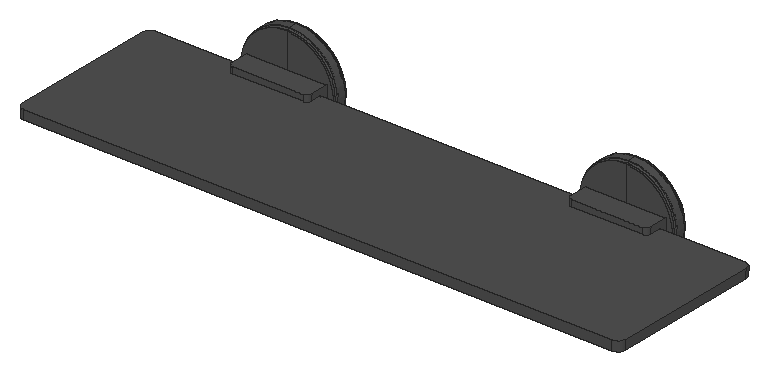
Revit family "Reece_Accessories_Milli_Marq Edit_Shower Shelf", category Plumbing Fixtures, Revit 2018
Family settings
  Round Connector Dimension = Use Diameter
  Part Type = Normal
  Work Plane-Based = Yes
  Always vertical = Yes
  Cut with Voids When Loaded = Yes
  Shared = Yes
  Room Calculation Point = Yes
Parameters (values of type "225 mm_Matte Black")
  URL = "https://www.reece.com.au/product/-21919"
  Type Comments = "Accessory"
  Reece_Product_Web Page = "https://www.reece.com.au/product/-21919"
  Reece_Product_Type = "Accessory"  # constant formula
  Reece_Product_Sub Brand = "Marq Edit\r\n"  # constant formula
  Reece_Product_Number = "21919"
  Reece_Product_Mount = "Wall Mounted"  # constant formula
  Reece_Product_Description = "Milli Marq Edit Metal Shower Shelf Matte Black"
  Reece_Product_Brand = "Milli"  # constant formula
  Reece_Overall_Width = 400 mm  # constant formula
  Reece_Overall_Projection = 125 mm  # constant formula
  Reece_Overall_Height = 62 mm  # constant formula
  Reece_Material_Secondary = Reece_Brass_Matte Black_Knurl Pattern
  Reece_Material_Main = Reece_Brass_Matte Black
  Reece_Height_From_Level [instance] = 1000 mm
  Reece_Fixing_Point_Width = Reece_Overall_Width - 175 mm  # 225 mm
  Reece_Detail_Shape = ""
  Reece_Detail_Installation = ""
  Reece_Detail_Disclaimer = "THIS FILE IS THE PROPERTY OF THE REECE GROUP. IT MAY NOT BE REPRODUCED, REVERSE-ENGINEERED, OR MODIFIED. ANY REPUBLICATION, TRANSMISSION, OR DISTRIBUTION FOR THE PURPOSE OF COMMERCIALLY EXPLOITING THE FILES IS PROHIBITED."  # constant formula
  Reece_Detail_Connector = ""
  Reece_Detail_Additional = "Shower Shelf\r\n"  # constant formula
  Model = "Marq Edit\r\n"
  Manufacturer = "Milli"
  Keynote = "Product #21919, Reece_Accessories_Milli_Marq Edit_Shower Shelf - 225 mm_Matte Black"
  Disclaimer = "THIS FILE IS THE PROPERTY OF THE REECE GROUP. IT MAY NOT BE REPRODUCED, REVERSE-ENGINEERED, OR MODIFIED. ANY REPUBLICATION, TRANSMISSION, OR DISTRIBUTION FOR THE PURPOSE OF COMMERCIALLY EXPLOITING THE FILES IS PROHIBITED."  # constant formula
  Description = "Milli Marq Edit Metal Shower Shelf Matte Black"
  Default Elevation = 0 mm
Types (6, lengths in mm): name | URL | Reece_Product_Web Page | Reece_Product_Number | Reece_Product_Description | Reece_Material_Secondary | Reece_Material_Main | Keynote | Description
  225 mm_Chrome | "https://www.reece.com.au/product/-21918" | "https://www.reece.com.au/product/-21918" | "21918" | "Milli Marq Edit Metal Shower Shelf Chrome" | Reece_Brass_Chrome_Knurl Pattern | Reece_Brass_Chrome | "Product #21918, Reece_Accessories_Milli_Marq Edit_Shower Shelf - 225 mm_Chrome" | "Milli Marq Edit Metal Shower Shelf Chrome"
  225 mm_Brushed Nickel | "https://www.reece.com.au/product/-21920" | "https://www.reece.com.au/product/-21920" | "21920" | "Milli Marq Edit Metal Shower Shelf Brushed Nickel" | Reece_Brass_Brushed Nickel_Knurl Pattern | Reece_Brass_Brushed Nickel | "Product #21920, Reece_Accessories_Milli_Marq Edit_Shower Shelf - 225 mm_Brushed Nickel" | "Milli Marq Edit Metal Shower Shelf Brushed Nickel"
  225 mm_Matte Black | "https://www.reece.com.au/product/-21919" | "https://www.reece.com.au/product/-21919" | "21919" | "Milli Marq Edit Metal Shower Shelf Matte Black" | Reece_Brass_Matte Black_Knurl Pattern | Reece_Brass_Matte Black | "Product #21919, Reece_Accessories_Milli_Marq Edit_Shower Shelf - 225 mm_Matte Black" | "Milli Marq Edit Metal Shower Shelf Matte Black"
  225 mm_Brushed Gunmetal | "https://www.reece.com.au/product/-21922" | "https://www.reece.com.au/product/-21922" | "21922" | "Milli Marq Edit Metal Shower Shelf Brushed Gunmetal" | Reece_Brass_Brushed Gunmetal_Knurl Pattern | Reece_Brass_Brushed Gunmetal | "Product #21922, Reece_Accessories_Milli_Marq Edit_Shower Shelf - 225 mm_Brushed Gunmetal" | "Milli Marq Edit Metal Shower Shelf Brushed Gunmetal"
  225 mm_Brushed Gold | "https://www.reece.com.au/product/-21921" | "https://www.reece.com.au/product/-21921" | "21921" | "Milli Marq Edit Metal Shower Shelf Brushed Gold" | Reece_PVD_Brushed Gold_Knurl Pattern | Reece_PVD_Brushed Gold | "Product #21921, Reece_Accessories_Milli_Marq Edit_Shower Shelf - 225 mm_Brushed Gold" | "Milli Marq Edit Metal Shower Shelf Brushed Gold"
  225 mm_Brushed Bronze | "https://www.reece.com.au/product/-21923" | "https://www.reece.com.au/product/-21923" | "21923" | "Milli Marq Edit Metal Shower Shelf Brushed Bronze" | Reece_PVD_Brushed Bronze_Knurl Pattern | Reece_PVD_Brushed Bronze | "Product #21923, Reece_Accessories_Milli_Marq Edit_Shower Shelf - 225 mm_Brushed Bronze" | "Milli Marq Edit Metal Shower Shelf Brushed Bronze"
Reference planes
  plane 1 "Center (Front/Back)": y = 0
  plane 2 "Bottom Host Plane": z = -5
  plane 3 "Center (Left/Right)": x = 0
  plane 4 "height from level": z = 1000
  plane 5 "L_FIXING": x = -112.5
  plane 6 "R_FIXING": x = 112.5
  plane 7: x = -200
  plane 8: x = 200
  plane 9: z = 1031
  plane 10: z = 969
Lines and regions (mm)
  model lines, style "InvisibleLines"
    curve 1: line (0, 0, 1000) -> (0, 0, -5)
Text (mm)
  text "Reece ©" at (2576.858, -2146.611, 3293.343), in view "Reece Preview"
  text "Reece ©" at (-402.991, -18.587, 0), in view "Ref. Level"
Dimensions and locks
  locked: plane 2 "Bottom Host Plane" to level at 5
  equal spacing: plane 5 "L_FIXING", plane 3 "Center (Left/Right)", plane 6 "R_FIXING"
  "Reece_Fixing_Point_Width": plane 5 "L_FIXING" to plane 6 "R_FIXING"
  "Reece_Height_From_Level": plane 4 "height from level" to level
  equal spacing: plane 7, plane 3 "Center (Left/Right)", plane 8
  "Reece_Overall_Width": plane 7 to plane 8
  equal spacing: plane 9, plane 4 "height from level", plane 10
  "Reece_Overall_Height": plane 9 to plane 10
  aligned and locked: plane 5 "L_FIXING" to nested 1
  aligned and locked: plane 1 "Center (Front/Back)" to nested 1
  aligned and locked: nested 2 to plane 6 "R_FIXING"
  aligned and locked: plane 1 "Center (Front/Back)" to nested 2
  aligned and locked: plane 3 "Center (Left/Right)" to nested 3
Automatic sketch dimensions
  curve 1 to plane 2 "Bottom Host Plane" = 0 mm
  curve 1 to plane 3 "Center (Left/Right)" = 0 mm
  curve 1 to plane 4 "height from level" = 0 mm
Nested families
  nested 1: "Reece_Accessories_Milli_Marq Edit_Shower Shelf_Nested" at (-112.5, 0, 1000), Reece_Material_Main <- "Reece_Material_Main", Reece_Material_Secondary <- "Reece_Material_Secondary", type "Reece_Accessories_Milli_Marq Edit_Shower Shelf_Nested"
    with Reece_Material_Secondary Reece_Brass_Matte Black_Knurl Pattern, Reece_Material_Main Reece_Brass_Matte Black, Reece_Height_From_Level 0 mm
  nested 2: "Reece_Accessories_Milli_Marq Edit_Shower Shelf_Nested" at (112.5, 0, 1000), Reece_Material_Main <- "Reece_Material_Main", Reece_Material_Secondary <- "Reece_Material_Secondary", type "Reece_Accessories_Milli_Marq Edit_Shower Shelf_Nested"
    with Reece_Material_Secondary Reece_Brass_Matte Black_Knurl Pattern, Reece_Material_Main Reece_Brass_Matte Black, Reece_Height_From_Level 0 mm
  nested 3: "Reece_Accessories_Milli_Marq Edit_Shelf_Nested" at (0, -14.9, 997.586) x (1, 0, 0) z (0, 0.0175, 0.9998), Reece_Material_Main <- "Reece_Material_Main", type "Reece_Accessories_Milli_Marq Edit_Shelf_Nested"
    with Reece_Material_Main Reece_Brass_Matte Black
Definition of nested family "Reece_Accessories_Milli_Marq Edit_Shower Shelf_Nested"
  Parameters (values of type "Reece_Accessories_Milli_Marq Edit_Shower Shelf_Nested")
    Reece_Product_Web Page = ""
    Reece_Product_Type = "Accessory"  # constant formula
    Reece_Product_Sub Brand = "Marq Edit\r\n"  # constant formula
    Reece_Product_Number = ""
    Reece_Product_Mount = "Wall Mounted"  # constant formula
    Reece_Product_Description = ""
    Reece_Product_Brand = "Milli"  # constant formula
    Reece_Overall_Width = 0 mm
    Reece_Overall_Projection = 0 mm
    Reece_Overall_Height = 0 mm
    Reece_Material_Secondary [instance] = none
    Reece_Material_Main [instance] = none
    Reece_Height_From_Level [instance] = 0 mm
    Reece_Detail_Shape = ""
    Reece_Detail_Installation = ""
    Reece_Detail_Connector = ""
    Reece_Detail_Additional = ""
    Default Elevation = 0 mm
  Reference planes
    plane 1 "Center (Front/Back)": y = 0
    plane 2 "Bottom Host Plane": z = 0
    plane 3 "Center (Left/Right)": x = 0
    plane 4: x = -26.5
    plane 5: x = 26.5
    plane 6: y = -26
  Forms (mm)
    Revolve 1, solid, material <- "Reece_Material_Main"
      sketch origin (0, 0, -1200) x (0, 1, 0) y (0, 0, 1)
        loop
          line (0, 1200) -> (0, 1230.985) -> (-1, 1230.985) -> (-2, 1231.985) -> (-2, 1200) -> (0, 1200)
        loop
          line (-10, 1200) -> (-8, 1200) -> (-8, 1231.985) -> (-9, 1230.985) -> (-10, 1230.985) -> (-10, 1200)
        axis (0, 1200) -> (-10, 1200)
      angle from 0 to 360
    Revolve 2, solid, material <- "Reece_Material_Secondary"
      sketch origin (0, 0, -1200) x (0, 1, 0) y (0, 0, 1)
        loop
          line (-2, 1200) -> (-2, 1231.985) -> (-8, 1231.985) -> (-8, 1200) -> (-2, 1200)
        axis (-2, 1200) -> (-8, 1200)
      angle from 0 to 360
    Revolve 3, void
      sketch origin (0, 0, -1200) x (0, 1, 0) y (0, 0, 1)
        loop
          line (-3, 1166.821) -> (-3, 1169) -> (-5, 1169) -> (-5, 1166.821) -> (-3, 1166.821)
        axis (-5, 1169) -> (-5, 1166.821)
      angle from 0 to 360
    Revolve 4, solid
      sketch origin (0, 0, 0) x (0, 1, 0) y (0, 0, 1)
        loop
          line (-3.546, -31.985) -> (-3, -30.985) -> (-5, -30.985) -> (-5, -31.985) -> (-3.546, -31.985)
        axis (-5, -30.985) -> (-5, -31.985)
      angle from 0 to 360
    Extrusion 5, void
      sketch origin (0, -5, -31.985) x (0, 1, 0) y (1, 0, 0)
        loop
          line (0, 0.8) -> (-0.693, 0.4) -> (-0.693, -0.4) -> (0, -0.8) -> (0.693, -0.4) -> (0.693, 0.4) -> (0, 0.8)
      from 0 to -0.8
    Extrusion 6, solid, material <- "Reece_Material_Main"
      sketch origin (0, 0, -0.001) x (0, 1, 0) y (0, 0, -1)
        loop
          line (-10, 7.999) -> (-26, 7.72) -> (-25.904, 2.221) -> (-14.9, 2.413) -> (-14.787, -4.086) -> (-25.791, -4.278) -> (-25.721, -8.274) -> (-10, -8) -> (-10, 7.999)
      from 28.338 to -28.085
    Extrusion 7, void
      sketch origin (0, -9.943, -8.001) x (0, -0.999848, 0.017452) y (-1, 0, 0)
        loop
          line (0.057, -26.5) -> (0.057, -29.326) -> (23.884, -29.326) -> (23.884, 29.326) -> (0.057, 29.326) -> (0.057, 26.5) -> (13.06, 26.5)
          arc (13.06, 26.5) -> (15.181, 25.621) -> (16.06, 23.5) r 3
          line (16.06, 23.5) -> (16.06, -23.5)
          arc (16.06, -23.5) -> (15.181, -25.621) -> (13.06, -26.5) r 3
          line (13.06, -26.5) -> (0.057, -26.5)
      from 12.737 to -25.431
    Extrusion 8, void
      sketch origin (0, -10, -0.501) x (0, 0, -1) y (1, 0, 0)
        loop
          arc (4.914, 20.75) -> (0.414, 25.25) -> (-4.086, 20.75) r 4.5
          line (-4.086, 20.75) -> (-4.086, 16.25)
          arc (-4.086, 16.25) -> (0.414, 11.75) -> (4.914, 16.25) r 4.5
          line (4.914, 16.25) -> (4.914, 20.75)
        loop
          line (4.914, -20.75) -> (4.914, -16.25)
          arc (4.914, -16.25) -> (0.414, -11.75) -> (-4.086, -16.25) r 4.5
          line (-4.086, -16.25) -> (-4.086, -20.75)
          arc (-4.086, -20.75) -> (0.414, -25.25) -> (4.914, -20.75) r 4.5
      from 21.68 to 2.156
    Extrusion 9, void
      sketch origin (0, 0, -0.001) x (0, 1, 0) y (-1, 0, 0)
        loop
          line (-16, -2.5) -> (-16, 2.5)
          arc (-16, 2.5) -> (-20.5, 7) -> (-25, 2.5) r 4.5
          line (-25, 2.5) -> (-25, -2.5)
          arc (-25, -2.5) -> (-20.5, -7) -> (-16, -2.5) r 4.5
        loop
          circle (-20.566, 0) r 4.2
        loop
          line (-20.566, 1.7) -> (-22.038, 0.85) -> (-22.038, -0.85) -> (-20.566, -1.7) -> (-19.093, -0.85) -> (-19.093, 0.85) -> (-20.566, 1.7)
      from -5.414 to -15.342
  Cuts and joins
    Revolve 3 cuts Revolve 2
    Extrusion 5 cuts Revolve 4
    Extrusion 7, Extrusion 8, Extrusion 9 cuts Extrusion 6
  Text (mm)
    text "Reece ©" at (2720.858, -2603.799, 2692.156), in view "Reece Preview"
    text "Reece ©" at (-402.991, -18.587, 0), in view "Ref. Level"
  Dimensions and locks
    plane 2 "Bottom Host Plane" to Revolve 4 sketch curve to Revolve 4 sketch curve = 30.985 mm locked, 1 mm locked
    Extrusion 5 sketch curve to Extrusion 5 sketch curve to plane 3 "Center (Left/Right)" to Extrusion 5 sketch curve to Extrusion 5 sketch curve = 0.4 mm locked, 0.4 mm locked, 0.4 mm locked, 0.4 mm locked
    Extrusion 5 sketch curve to plane 3 "Center (Left/Right)" to Extrusion 5 sketch curve = 0.4 mm locked, 0.4 mm locked
    aligned and locked: level to plane 2 "Bottom Host Plane"
Definition of nested family "Reece_Accessories_Milli_Marq Edit_Shelf_Nested"
  Parameters (values of type "Reece_Accessories_Milli_Marq Edit_Shelf_Nested")
    Reece_Material_Main [instance] = none
    Default Elevation = 0 mm
  Reference planes
    plane 1 "Center (Front/Back)": y = 0
    plane 2: z = 0
    plane 3 "Center (Left/Right)": x = 0
  Forms (mm)
    Extrusion 1, solid
      sketch origin (0, 0, 0) x (1, 0, 0) y (0, 1, 0)
        loop
          line (-1219.2, 1219.2) -> (-1219.2, -1219.2) -> (1219.2, -1219.2) -> (1219.2, 1219.2) -> (-1219.2, 1219.2)
      from 0 to -304.8
    Extrusion 2, solid, material <- "Reece_Material_Main"
      sketch origin (706.403, -427.628, 0) x (1, 0, 0) y (0, 1, 0)
        loop
          line (-906.403, 422.628) -> (-906.403, 322.483)
          arc (-906.403, 322.483) -> (-904.938, 318.948) -> (-901.403, 317.483) r 5
          line (-901.403, 317.483) -> (-511.403, 317.483)
          arc (-511.403, 317.483) -> (-507.867, 318.948) -> (-506.403, 322.483) r 5
          line (-506.403, 322.483) -> (-506.403, 422.628)
          arc (-506.403, 422.628) -> (-507.867, 426.163) -> (-511.403, 427.628) r 5
          line (-511.403, 427.628) -> (-901.403, 427.628)
          arc (-901.403, 427.628) -> (-904.938, 426.163) -> (-906.403, 422.628) r 5
      from 0 to 6
  Text (mm)
    text "Reece ©" at (-685.286, -124.476, 0), in view "Ref. Level"
  Dimensions and locks
    aligned and locked: plane 2 to Extrusion 1
    aligned and locked: level to Extrusion 1
